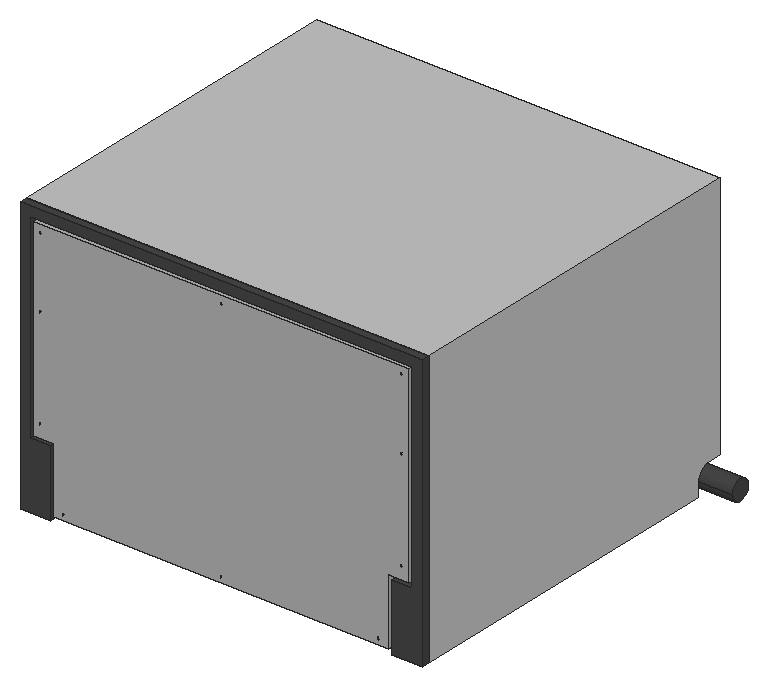
Revit family "FP_Revit_18_DD60SI9_DishDrawer_90000920A", category Specialty Equipment, Revit 2018
Family settings
  Round Connector Dimension = Use Diameter
  Part Type = Normal
  OmniClass Number = 23.40.40.14.31
  OmniClass Title = Cleaning and Disposal Equipment
  Work Plane-Based = No
  Always vertical = Yes
  Cut with Voids When Loaded = Yes
  Shared = No
  Room Calculation Point = No
Parameters (values of type "DD60SI9")
  Visibility - Handle = no
  Visibility - Door Panel = no
  Visibility - Clearance Required = yes
  URL = "www.fisherpaykel.com"
  Product - Width = 599 mm  # constant formula
  Product - Height = 410 mm  # constant formula
  Product - Depth = 553 mm  # constant formula
  Model = "DD60SI9"
  Material - Trim = Fisher & Paykel - Black
  Material - Door Structure = Fisher & Paykel - Aluminium
  Material - Door Front = Fisher & Paykel - Stainless Steel
  Material - Body = Fisher & Paykel - Grey
  Manufacturer = "Fisher & Paykel Appliances"
  FFL Offset [instance] = 406 mm
  Description = "Integrated Single DishDrawer"
  Connector Description - Water = "3/4“ BSP (GB20) to suit Flat Washer"
  Connector Description - Sanitary = "Drain Hose, No Fitting Required"
  Connector Description - Electrical = "230 V, 15 A, fused electrical supply"
  Cavity - Width = 600 mm  # constant formula
  Cavity - Height = 412 mm  # constant formula
  Cavity - Depth = 560 mm  # constant formula
Types (3, lengths in mm): name | Model
  (no name) | "DD60SI9"
  DD60SI9 | "DD60SI9"
  DD60SHI9 | "DD60SHI9"
Reference planes
  plane 1 "Datum": y = 0
  plane 2: z = 0
  plane 3 "Center (Left/Right)": x = 0
  plane 4: z = 0
  plane 5 "Product LHS": x = -299.5
  plane 6 "Product RHS": x = 299.5
  plane 7 "Product - Depth": y = 553
  plane 8 "Cavity LHS": x = -300
  plane 9 "Cavity RHS": x = 300
  plane 10 "Cavity - Depth": y = 560
  plane 11 "Product Height": z = 816
  plane 12 "Cavity - Height": z = 818
  plane 13 "FFL Offset": z = 406
Forms (mm)
  Extrusion 1, solid, material "Fisher & Paykel - Grey" <- "Material - Body"
    sketch origin (0, 0, 0) x (0, 1, 0) y (0, 0, 1)
      loop
        line (12, 816) -> (12, 406) -> (513, 406) -> (513, 426)
        arc (513, 426) -> (518.858, 440.142) -> (533, 446) r 20
        line (533, 446) -> (553, 446) -> (553, 816) -> (12, 816)
    from -299.5 to 299.5
  Extrusion 2, solid, material "Fisher & Paykel - Aluminium" <- "Material - Door Structure", detail levels fine
    sketch origin (0, 0, 0) x (1, 0, 0) y (0, 0, 1)
      loop
        line (-279.5, 796) -> (-279.5, 511) -> (-249.5, 511) -> (-249.5, 412.713) -> (249.5, 412.713) -> (249.5, 511) -> (279.5, 511) -> (279.5, 796) -> (-279.5, 796)
      loop
        circle (-269.5, 680) r 1.502
      loop
        circle (-234.5, 421) r 1.5
      loop
        circle (-269.5, 530) r 1.5
      loop
        circle (-269.5, 786) r 1.5
      loop
        circle (0, 786) r 1.5
      loop
        circle (269.5, 680) r 1.502
      loop
        circle (269.5, 530) r 1.5
      loop
        circle (269.5, 786) r 1.5
      loop
        circle (0, 421) r 1.5
      loop
        circle (234.5, 421) r 1.5
    from -12 to 0
  Sweep 3, solid, material "Fisher & Paykel - Black", detail levels medium+fine
    path origin (0, 539.813, 406) x (1, 0, 0) y (0, 0, 1)
      loop
        line (-119.5, 75) -> (-119.5, 45.438)
        arc (-119.5, 45.438) -> (-125.358, 31.295) -> (-139.5, 25.437) r 20
        line (-139.5, 25.437) -> (-349.5, 25.437)
    profile origin (-119.5, 539.813, 466.219) x (0, -1, 0) y (1, 0, 0)
      loop
        circle (0, 0) r 9
  Extrusion 4, solid, material "Fisher & Paykel - Clearance Required", visible <- "Visibility - Clearance Required", detail levels coarse
    sketch origin (0, 0, 0) x (0, 1, 0) y (0, 0, 1)
      loop
        line (-18, 406) -> (-18, 816) -> (-545, 816) -> (-545, 743.132) -> (-587, 743.132) -> (-587, 727.132) -> (-545, 727.132) -> (-545, 406) -> (-18, 406)
    from -300 to 300
  Extrusion 5, solid, material "Fisher & Paykel - Clearance Required", visible <- "Visibility - Clearance Required", detail levels coarse
    sketch origin (0, 0, 0) x (1, 0, 0) y (0, 1, 0)
      loop
        line (300, 560) -> (-300, 560) -> (-300, 0) -> (300, 0) -> (300, 560)
    from 406 to 818
  Extrusion 6, solid, material "Fisher & Paykel - Black" <- "Material - Trim"
    sketch origin (0, 0, 0) x (1, 0, 0) y (0, 0, 1)
      loop
        line (-299.5, 816) -> (-299.5, 406) -> (-254.5, 406) -> (-254.5, 506) -> (-283.999, 506) -> (-283.999, 801) -> (284, 801) -> (284, 506) -> (254.5, 506) -> (254.5, 406) -> (299.5, 406) -> (299.5, 816) -> (-299.5, 816)
    from -12 to 0
  Sweep 7, solid, material "Fisher & Paykel - Black", detail levels medium+fine
    path origin (0, 0, 0) x (1, 0, 0) y (0, 1, 0)
      loop
        line (199.5, 513) -> (199.5, 514)
        arc (199.5, 514) -> (204.04, 524.96) -> (215, 529.5) r 15.5
        line (215, 529.5) -> (349.5, 529.5)
    profile origin (199.5, 513.5, 0) x (-1, 0, 0) y (0, 0, 1)
      loop
        circle (0, 427) r 15
  Sweep 8, solid, material "Fisher & Paykel - Black", detail levels medium+fine
    path origin (0, 0, 0) x (1, 0, 0) y (0, 1, 0)
      loop
        line (-33.982, 513) -> (-33.982, 516.982)
        arc (-33.982, 516.982) -> (-35.886, 521.579) -> (-40.482, 523.482) r 6.5
        line (-40.482, 523.482) -> (-349.5, 523.482)
    profile origin (-194.991, 523.482, 0) x (0, -1, 0) y (0, 0, 1)
      loop
        circle (0, 417.016) r 4
  Sweep 9, solid, material "Fisher & Paykel - Black", detail levels medium+fine
    path origin (0, 0, 0) x (1, 0, 0) y (0, 1, 0)
      loop
        line (-349.5, 522.999) -> (-215.482, 522.999)
        arc (-215.482, 522.999) -> (-211.239, 521.242) -> (-209.482, 516.999) r 6
        line (-209.482, 516.999) -> (-209.482, 513)
    profile origin (-209.482, 514.999, 0) x (1, 0, 0) y (0, 0, 1)
      loop
        circle (0, 426.938) r 5
  Extrusion 10, solid, material "Fisher & Paykel - Black", detail levels fine
    sketch origin (0, 0, 406) x (1, 0, 0) y (0, 0, 1)
      loop
        line (-27.5, 18) -> (-41.5, 18) -> (-41.5, 4) -> (-27.5, 4) -> (-27.5, 18)
    from -518 to -513
  Extrusion 11, void
    sketch origin (0, 0, 0) x (1, 0, 0) y (0, 1, 0)
      loop
        line (-300, 560) -> (-300, -18) -> (300, -18) -> (300, 560) -> (-300, 560)
    from 406 to 818
  Extrusion 12, solid, material "Fisher & Paykel - Stainless Steel" <- "Material - Door Front", visible <- "Visibility - Door Panel"
    sketch origin (0, 0, 0) x (1, 0, 0) y (0, 1, 0)
      loop
        line (297.5, 0) -> (-297.5, 0) -> (-297.5, -18) -> (297.5, -18) -> (297.5, 0)
    from 408 to 816
  Extrusion 13, void
    sketch origin (0, 0, 0) x (1, 0, 0) y (0, 0, 1)
      loop
        line (-9.5, 511) -> (-229.5, 511) -> (-229.5, 446) -> (-9.5, 446) -> (-9.5, 511)
    from -553 to -550
  Sweep 14, solid, material "Fisher & Paykel - Black", not visible, detail levels medium+fine
    path origin (0, 539.813, 1000) x (1, 0, 0) y (0, 0, 1)
      loop
        line (-119.5, 75) -> (-119.5, 45.438)
        arc (-119.5, 45.438) -> (-125.358, 31.295) -> (-139.5, 25.437) r 20
        line (-139.5, 25.437) -> (-349.5, 25.437)
    profile origin (-119.5, 539.813, 1060.219) x (0, -1, 0) y (1, 0, 0)
      loop
        circle (0, 0) r 9
  Sweep 15, solid, material "Fisher & Paykel - Black", not visible, detail levels medium+fine
    path origin (0, 0, -406) x (1, 0, 0) y (0, 1, 0)
      loop
        line (199.5, 513) -> (199.5, 514)
        arc (199.5, 514) -> (204.04, 524.96) -> (215, 529.5) r 15.5
        line (215, 529.5) -> (349.5, 529.5)
    profile origin (199.5, 513.5, -406) x (-1, 0, 0) y (0, 0, 1)
      loop
        circle (0, 1427) r 15
  Sweep 16, solid, material "Fisher & Paykel - Black", not visible, detail levels medium+fine
    path origin (0, 0, -406) x (1, 0, 0) y (0, 1, 0)
      loop
        line (-33.982, 513) -> (-33.982, 516.982)
        arc (-33.982, 516.982) -> (-35.886, 521.579) -> (-40.482, 523.482) r 6.5
        line (-40.482, 523.482) -> (-349.5, 523.482)
    profile origin (-194.991, 523.482, -406) x (0, -1, 0) y (0, 0, 1)
      loop
        circle (0, 1417.016) r 4
  Sweep 17, solid, material "Fisher & Paykel - Black", not visible, detail levels medium+fine
    path origin (0, 0, -406) x (1, 0, 0) y (0, 1, 0)
      loop
        line (-349.5, 522.999) -> (-215.482, 522.999)
        arc (-215.482, 522.999) -> (-211.239, 521.242) -> (-209.482, 516.999) r 6
        line (-209.482, 516.999) -> (-209.482, 513)
    profile origin (-209.482, 514.999, -406) x (1, 0, 0) y (0, 0, 1)
      loop
        circle (0, 1426.938) r 5
  Extrusion 18, solid, material "Fisher & Paykel - Black", not visible, detail levels fine
    sketch origin (0, 0, 1000) x (1, 0, 0) y (0, 0, 1)
      loop
        line (-27.5, 18) -> (-41.5, 18) -> (-41.5, 4) -> (-27.5, 4) -> (-27.5, 18)
    from -518 to -513
Cuts and joins
  Extrusion 13 cuts Extrusion 2
  Extrusion 13 cuts Extrusion 4
  Extrusion 13 cuts Extrusion 12
  Extrusion 13 cuts Extrusion 1
Lines and regions (mm)
  model lines, style "Fisher & Paykel"
    curve 1: line (-297.5, 0, 816) -> (297.5, 0, 816)
    curve 2: line (-297.5, 0, 408) -> (-297.5, 0, 816)
    curve 3: line (297.5, 0, 408) -> (-297.5, 0, 408)
    curve 4: line (297.5, 0, 816) -> (297.5, 0, 408)
  model lines
    curve 5: line (-297.5, 0, 816) -> (297.5, 0, 816)
    curve 6: line (-297.5, 0, 408) -> (-297.5, 0, 816)
    curve 7: line (297.5, 0, 408) -> (-297.5, 0, 408)
    curve 8: line (297.5, 0, 816) -> (297.5, 0, 408)
  model lines, style "Fisher & Paykel", not visible
    curve 9: line (297.5, 0, 1002) -> (-297.5, 0, 1002)
  model lines, not visible
    curve 10: line (297.5, 0, 1002) -> (-297.5, 0, 1002)
Text (mm)
  text "Due to ongoing product development, product details are subject to change without notice. \nPlease always refer to www.fisherpaykel.com for the most current product information. \n© Fisher & Paykel 2020" at (41.04, -647.69, 0), in view "Ref. Level (Plan)"
Dimensions and locks
  equal spacing: plane 5 "Product LHS", plane 3 "Center (Left/Right)", plane 6 "Product RHS"
  "Product - Width": plane 5 "Product LHS" to plane 6 "Product RHS"
  "Product - Depth": plane 1 "Datum" to plane 7 "Product - Depth"
  equal spacing: plane 8 "Cavity LHS", plane 3 "Center (Left/Right)", plane 9 "Cavity RHS"
  "Cavity - Width": plane 8 "Cavity LHS" to plane 9 "Cavity RHS"
  "Cavity - Depth": plane 10 "Cavity - Depth" to plane 1 "Datum"
  "FFL Offset": plane 13 "FFL Offset" to level
  locked: plane 11 "Product Height" to nested 1 at 72.868
  locked: plane 13 "FFL Offset" to cut or joined group of Extrusion 12, Extrusion 13 at 2
  locked: Extrusion 2 sketch curve to plane 13 "FFL Offset" at 6.713
  locked: cut or joined group of Extrusion 1, Extrusion 13 to Extrusion 13 sketch curve at 65
  locked: cut or joined group of Extrusion 12, Extrusion 13 to plane 13 "FFL Offset" at 2
  locked: plane 13 "FFL Offset" to Sweep 3 at 75
  locked: Extrusion 1 sketch curve to plane 13 "FFL Offset" at 40
  "Product - Height": plane 11 "Product Height" to plane 13 "FFL Offset"
  "Cavity - Height": plane 13 "FFL Offset" to plane 12 "Cavity - Height"
  aligned and locked: level to plane 2
  aligned and locked: Extrusion 5 sketch curve to plane 8 "Cavity LHS"
  aligned and locked: plane 1 "Datum" to Extrusion 5 sketch curve
  aligned and locked: Extrusion 5 sketch curve to plane 9 "Cavity RHS"
  aligned and locked: Extrusion 4 to plane 13 "FFL Offset"
  aligned and locked: cut or joined group of Extrusion 4, Extrusion 13 to Extrusion 5
  aligned and locked: Extrusion 5 to plane 12 "Cavity - Height"
  aligned and locked: Extrusion 5 to Extrusion 1
  aligned and locked: plane 11 "Product Height" to Extrusion 1
  aligned and locked: Extrusion 6 sketch curve to plane 13 "FFL Offset"
  aligned and locked: Extrusion 6 sketch curve to Extrusion 6 sketch curve
  aligned and locked: plane 11 "Product Height" to Extrusion 12
  aligned and locked: cut or joined group of Extrusion 1, Extrusion 13 to Extrusion 13 sketch curve
  aligned and locked: Extrusion 2 sketch curve to Extrusion 2 sketch curve
  aligned and locked: Extrusion 11 to Extrusion 5  (x2)
Automatic sketch dimensions
  Sweep 3 sketch curve to profile plane = 0 mm
  profile plane to Sweep 3 sketch curve = 0 mm
  Sweep 3 sketch curve to Sweep 3 sketch curve = 20 mm
  Sweep 3 sketch curve to Sweep 3 sketch curve = 29.562 mm
  Sweep 7 sketch curve to profile plane = 0 mm
  Sweep 7 sketch curve to Sweep 7 sketch curve = 15.5 mm
  Sweep 7 sketch curve to Sweep 7 sketch curve = 1 mm
  Sweep 8 sketch curve to Sweep 8 sketch curve = 3.982 mm
  Sweep 8 sketch curve to Sweep 8 sketch curve = 6.5 mm
  Sweep 8 sketch curve to profile plane = 0 mm
  Sweep 9 sketch curve to Sweep 9 sketch curve = 6 mm
  Sweep 9 sketch curve to Sweep 9 sketch curve = 3.999 mm
  profile plane to Sweep 9 sketch curve = 0 mm
  Extrusion 10 sketch curve to Extrusion 10 sketch curve = 14 mm  (x2)
  Extrusion 5 sketch curve to plane 10 "Cavity - Depth" = 0 mm
  plane 1 "Datum" to Extrusion 11 sketch curve = 18 mm
  Extrusion 11 sketch curve to plane 8 "Cavity LHS" = 0 mm
  Extrusion 11 sketch curve to plane 9 "Cavity RHS" = 0 mm
  Extrusion 11 sketch curve to plane 10 "Cavity - Depth" = 0 mm
  plane 1 "Datum" to Extrusion 12 sketch curve = 0 mm
  plane 9 "Cavity RHS" to Extrusion 12 sketch curve = 597.5 mm
  plane 1 "Datum" to Extrusion 12 sketch curve = 18 mm
  Extrusion 12 sketch curve to Extrusion 12 sketch curve = 595 mm
  Extrusion 4 sketch curve to plane 11 "Product Height" = 0 mm
  level to Extrusion 4 sketch curve = 406 mm
  plane 1 "Datum" to Extrusion 4 sketch curve = 587 mm
  Extrusion 4 sketch curve to Extrusion 4 sketch curve = 42 mm  (x2)
  plane 1 "Datum" to Extrusion 4 sketch curve = 18 mm
  Extrusion 4 sketch curve to Extrusion 4 sketch curve = 16 mm
  Extrusion 4 sketch curve to Extrusion 4 sketch curve = 88.868 mm
  plane 11 "Product Height" to Extrusion 1 sketch curve = 0 mm
  Extrusion 1 sketch curve to plane 7 "Product - Depth" = 0 mm
  Extrusion 1 sketch curve to Extrusion 1 sketch curve = 20 mm  (x2)
  Extrusion 1 sketch curve to plane 1 "Datum" = 12 mm
  curve 6 to plane 11 "Product Height" = 0 mm
  curve 1 to plane 5 "Product LHS" = 2 mm
  plane 6 "Product RHS" to curve 5 = 2 mm
  Extrusion 1 sketch curve to plane 13 "FFL Offset" = 0 mm
  plane 5 "Product LHS" to Extrusion 6 sketch curve = 0 mm
  plane 6 "Product RHS" to Extrusion 6 sketch curve = 0 mm
  Extrusion 6 sketch curve to plane 5 "Product LHS" = 15.501 mm
  Extrusion 6 sketch curve to Extrusion 6 sketch curve = 29.499 mm
  plane 6 "Product RHS" to Extrusion 6 sketch curve = 45 mm
  plane 6 "Product RHS" to Extrusion 6 sketch curve = 15.5 mm
  plane 13 "FFL Offset" to Extrusion 6 sketch curve = 100 mm  (x2)
  Extrusion 6 sketch curve to plane 11 "Product Height" = 15 mm
  plane 11 "Product Height" to Extrusion 6 sketch curve = 0 mm
  Extrusion 13 sketch curve to plane 5 "Product LHS" = 70 mm
  Extrusion 13 sketch curve to plane 3 "Center (Left/Right)" = 9.5 mm
  plane 13 "FFL Offset" to curve 6 = 2 mm
  plane 13 "FFL Offset" to curve 4 = 2 mm
  Sweep 3 sketch curve to Sweep 3 sketch curve = 210 mm
  Sweep 7 sketch curve to Sweep 7 sketch curve = 134.5 mm
  profile plane to Sweep 7 sketch curve = 427 mm
  Sweep 8 sketch curve to Sweep 8 sketch curve = 309.018 mm
  profile plane to Sweep 8 sketch curve = 417.016 mm
  Sweep 9 sketch curve to Sweep 9 sketch curve = 134.018 mm
  profile plane to Sweep 9 sketch curve = 426.938 mm
  Sweep 14 sketch curve to profile plane = 0 mm
  profile plane to Sweep 14 sketch curve = 0 mm
  Sweep 14 sketch curve to Sweep 14 sketch curve = 20 mm
  Sweep 14 sketch curve to Sweep 14 sketch curve = 29.562 mm
  Sweep 15 sketch curve to profile plane = 0 mm
  Sweep 15 sketch curve to Sweep 15 sketch curve = 15.5 mm
  Sweep 15 sketch curve to Sweep 15 sketch curve = 1 mm
  Sweep 16 sketch curve to Sweep 16 sketch curve = 3.982 mm
  Sweep 16 sketch curve to Sweep 16 sketch curve = 6.5 mm
  Sweep 16 sketch curve to profile plane = 0 mm
  Sweep 17 sketch curve to Sweep 17 sketch curve = 6 mm
  Sweep 17 sketch curve to Sweep 17 sketch curve = 3.999 mm
  profile plane to Sweep 17 sketch curve = 0 mm
  Extrusion 18 sketch curve to Extrusion 18 sketch curve = 14 mm  (x2)
  Sweep 14 sketch curve to Sweep 14 sketch curve = 210 mm
  Sweep 15 sketch curve to Sweep 15 sketch curve = 134.5 mm
  profile plane to Sweep 15 sketch curve = 1427 mm
  Sweep 16 sketch curve to Sweep 16 sketch curve = 309.018 mm
  profile plane to Sweep 16 sketch curve = 1417.016 mm
  Sweep 17 sketch curve to Sweep 17 sketch curve = 134.018 mm
  profile plane to Sweep 17 sketch curve = 1426.938 mm
  Extrusion 2 sketch curve to plane 3 "Center (Left/Right)" = 0 mm  (x2)
  plane 13 "FFL Offset" to Extrusion 2 sketch curve = 15 mm  (x3)
  Extrusion 2 sketch curve to plane 5 "Product LHS" = 65 mm
  Extrusion 2 sketch curve to Extrusion 2 sketch curve = 15 mm
  Extrusion 2 sketch curve to plane 5 "Product LHS" = 30 mm  (x2)
  Extrusion 2 sketch curve to Extrusion 2 sketch curve = 20 mm  (x2)
  Extrusion 2 sketch curve to plane 5 "Product LHS" = 20 mm
  plane 6 "Product RHS" to Extrusion 2 sketch curve = 65 mm
  plane 6 "Product RHS" to Extrusion 2 sketch curve = 50 mm
  plane 6 "Product RHS" to Extrusion 2 sketch curve = 30 mm  (x2)
  Extrusion 2 sketch curve to Extrusion 2 sketch curve = 10 mm  (x2)
  Extrusion 2 sketch curve to Extrusion 2 sketch curve = 90 mm
  Extrusion 2 sketch curve to Extrusion 2 sketch curve = 19 mm  (x2)
  Extrusion 2 sketch curve to Extrusion 2 sketch curve = 150 mm  (x2)
  Extrusion 2 sketch curve to plane 11 "Product Height" = 30 mm  (x3)
  radius of Sweep 3 sketch curve = 9 mm
  radius of Sweep 7 sketch curve = 15 mm
  radius of Sweep 8 sketch curve = 4 mm
  radius of Sweep 9 sketch curve = 5 mm
  radius of Sweep 14 sketch curve = 9 mm
  radius of Sweep 15 sketch curve = 15 mm
  radius of Sweep 16 sketch curve = 4 mm
  radius of Sweep 17 sketch curve = 5 mm
  radius of Extrusion 2 sketch curve = 1.502 mm  (x2)
  radius of Extrusion 2 sketch curve = 1.5 mm  (x8)
Nested families
  nested 1: "F&P Handle Contemporary Square - Horizontal" at (0, -18, 735.154), visible <- "Visibility - Handle", type "565mm"
Connectors
  piping at (-349.5, 539.813, 431.437), diameter 15.9, driven by "Connector Description - Sanitary"
    settings: on Sweep 3, index 4, connector inside diameter 609.6 mm, connector length 0 mm, flow factor 0, pipe flow 0.0 L/s, pressure drop 0.0 Pa, fitting loss kfactor 0, connector angle 0.00°, fixture units 0, engagement length 0 mm, angle of deflection 0.00°, flow configuration 0, flow direction 2, fitting loss method 0, system type 16, joint type 0, gender type 0, connector reference index -1, connector utility 0, adjustable connector no, is connector primary yes, connector description "Drain Hose, No Fitting Required"
  piping at (349.5, 529.5, 427), diameter 30
    settings: on Sweep 7, index 5, connector inside diameter 609.6 mm, connector length 0 mm, flow factor 0, pipe flow 0.0 L/s, pressure drop 0.0 Pa, fitting loss kfactor 0, connector angle 0.00°, fixture units 0, engagement length 0 mm, angle of deflection 0.00°, flow configuration 0, flow direction 2, fitting loss method 0, system type 17, joint type 0, gender type 0, connector reference index -1, connector utility 0, adjustable connector no, is connector primary no, connector description "Vent hose for Fan Assisted Drying"
  piping at (-349.5, 522.999, 426.938), diameter 10, driven by "Connector Description - Water"
    settings: on Sweep 9, index 6, connector inside diameter 609.6 mm, connector length 0 mm, flow factor 0, pipe flow 0.0 L/s, pressure drop 0.0 Pa, fitting loss kfactor 0, connector angle 0.00°, fixture units 0, engagement length 0 mm, angle of deflection 0.00°, flow configuration 0, flow direction 1, fitting loss method 0, system type 20, joint type 0, gender type 0, connector reference index -1, connector utility 0, adjustable connector no, is connector primary no, connector description "3/4“ BSP (GB20) to suit Flat Washer"
  electrical at (-349.5, 523.482, 417.016), driven by "Connector Description - Electrical"
    settings: on Sweep 8, index 7, voltage 230 V, apparent load 0 VA, apparent load phase1 0 VA, apparent load phase2 0 VA, apparent load phase3 0 VA, power factor 1, load classification "Other", number of poles 1, system type 30, power factor state 1, is connector primary yes, connector utility no, sub classification motor no, connector description "230 V, 15 A, fused electrical supply"
Definition of nested family "F&P Handle Contemporary Square - Horizontal"
  Parameters (values of type "565mm")
    URL = "www.fisherpaykel.com"
    Material - Handle = none
    Manufacturer = "Fisher & Paykel Appliances"
    Handle - Standoff = 100 mm
    Handle - Length = 565 mm
  Reference planes
    plane 1 "Center (Front/Back)": y = 0
    plane 2: z = 0
    plane 3 "Center (Left/Right)": x = 0
    plane 4 "Product LHS": x = -282.5
    plane 5 "Product RHS": x = 282.5
    plane 6 "LHS Standoff": x = -182.5
    plane 7 "RHS Standoff": x = 182.5
  Forms (mm)
    Extrusion 1, solid, material <- "Material - Handle", detail levels fine
      sketch origin (0, 0, 0) x (0, 1, 0) y (0, 0, 1)
        loop
          arc (-27.701, 7.561) -> (-28.057, 7.868) -> (-28.514, 7.978) r 1
          line (-28.514, 7.978) -> (-39.5, 7.978)
          arc (-39.5, 7.978) -> (-40.561, 7.539) -> (-41, 6.478) r 1.5
          line (-41, 6.478) -> (-41, -6.522)
          arc (-41, -6.522) -> (-40.561, -7.583) -> (-39.5, -8.022) r 1.5
          line (-39.5, -8.022) -> (-28.487, -8.022)
          arc (-28.487, -8.022) -> (-28.029, -7.911) -> (-27.673, -7.602) r 1
          arc (-27.673, -7.602) -> (-25.256, -0.016) -> (-27.701, 7.561) r 13.038
      from -282.5 to 282.5
    Extrusion 2, solid, material <- "Material - Handle", detail levels fine
      sketch origin (0, 0, 0) x (0, 1, 0) y (0, 0, 1)
        loop
          arc (-27.23, 7.062) -> (-25.156, 0.008) -> (-27.198, -7.056) r 13.136
          arc (-27.198, -7.056) -> (-27.21, -7.463) -> (-26.86, -7.67) r 0.4
          line (-26.86, -7.67) -> (0, -7.67) -> (0, 7.678) -> (-26.893, 7.678)
          arc (-26.893, 7.678) -> (-27.244, 7.47) -> (-27.23, 7.062) r 0.4
      from 182.5 to 282.5
    Extrusion 3, solid, material <- "Material - Handle", detail levels fine
      sketch origin (0, 0, 0) x (0, 1, 0) y (0, 0, -1)
        loop
          arc (-27.23, -7.062) -> (-27.244, -7.47) -> (-26.893, -7.678) r 0.4
          line (-26.893, -7.678) -> (0, -7.678) -> (0, 7.67) -> (-26.86, 7.67)
          arc (-26.86, 7.67) -> (-27.21, 7.463) -> (-27.198, 7.056) r 0.4
          arc (-27.198, 7.056) -> (-25.156, -0.008) -> (-27.23, -7.062) r 13.136
      from 182.5 to 282.5
    Sweep 4, void
      path in 3D
        loop
          line (282.5, -28.514, 7.978) -> (282.5, -39.5, 7.978)
          arc (282.5, -39.5, 7.978) -> (282.5, -40.561, 7.539) -> (282.5, -41, 6.478) r 1.5
          line (282.5, -41, 6.478) -> (282.5, -41, -6.522)
          arc (282.5, -41, -6.522) -> (282.5, -40.561, -7.583) -> (282.5, -39.5, -8.022) r 1.5
          line (282.5, -39.5, -8.022) -> (282.5, -28.487, -8.022)
      profile origin (282.5, -34.007, 7.978) x (1, 0, 0) y (0, 0, 1)
        loop
          line (0, 0) -> (-1.3, 0) -> (0, -1.3) -> (0, 0)
    Sweep 5, void
      path in 3D
        loop
          line (-282.5, -28.487, -8.022) -> (-282.5, -39.5, -8.022)
          arc (-282.5, -39.5, -8.022) -> (-282.5, -40.561, -7.583) -> (-282.5, -41, -6.522) r 1.5
          line (-282.5, -41, -6.522) -> (-282.5, -41, 6.478)
          arc (-282.5, -41, 6.478) -> (-282.5, -40.561, 7.539) -> (-282.5, -39.5, 7.978) r 1.5
          line (-282.5, -39.5, 7.978) -> (-282.5, -28.514, 7.978)
      profile origin (-282.5, -34.007, 7.978) x (-1, 0, 0) y (0, 0, 1)
        loop
          line (0, 0) -> (-1.3, 0) -> (0, -1.3) -> (0, 0)
    Extrusion 6, void
      sketch origin (0, 0, 0) x (1, 0, 0) y (0, 0, 1)
        loop
          line (282.5, 7.978) -> (281.2, 7.978) -> (282.5, 6.678) -> (282.5, 7.978)
        loop
          line (282.5, -8.022) -> (282.5, -6.722) -> (281.2, -8.022) -> (282.5, -8.022)
      from 0 to 28.514
    Extrusion 7, void
      sketch origin (0, 0, 0) x (1, 0, 0) y (0, 0, 1)
        loop
          line (-282.5, 7.978) -> (-282.5, 6.678) -> (-281.2, 7.978) -> (-282.5, 7.978)
        loop
          line (-282.5, -8.022) -> (-281.2, -8.022) -> (-282.5, -6.722) -> (-282.5, -8.022)
      from 0 to 28.487
    Extrusion 8, solid, material <- "Material - Handle", detail levels coarse+medium
      sketch origin (0, 0, 0) x (1, 0, 0) y (0, 1, 0)
        loop
          line (-282.5, -41) -> (282.5, -41) -> (282.5, 0) -> (182.5, 0) -> (182.5, -26.156) -> (-182.5, -26.156) -> (-182.5, 0) -> (-282.5, 0) -> (-282.5, -41)
      from -8.022 to 7.978
  Cuts and joins
    Sweep 4, Sweep 5, Extrusion 6, Extrusion 7 cuts Extrusion 1
    Extrusion 6 cuts Extrusion 2
    Extrusion 7 cuts Extrusion 3
  Lines and regions (mm)
    sketch lines
      curve 1: line (282.5, -28.514, 7.978) -> (282.5, -39.5, 7.978)
      curve 2: arc (282.5, -41, 6.478) -> (282.5, -40.561, 7.539) -> (282.5, -39.5, 7.978) r 1.5
      curve 3: line (282.5, -41, 6.478) -> (282.5, -41, -6.522)
      curve 4: arc (282.5, -39.5, -8.022) -> (282.5, -40.561, -7.583) -> (282.5, -41, -6.522) r 1.5
      curve 5: line (282.5, -39.5, -8.022) -> (282.5, -28.487, -8.022)
      curve 6: line (-282.5, -39.5, 7.978) -> (-282.5, -28.514, 7.978)
      curve 7: arc (-282.5, -39.5, 7.978) -> (-282.5, -40.561, 7.539) -> (-282.5, -41, 6.478) r 1.5
      curve 8: line (-282.5, -41, -6.522) -> (-282.5, -41, 6.478)
      curve 9: arc (-282.5, -41, -6.522) -> (-282.5, -40.561, -7.583) -> (-282.5, -39.5, -8.022) r 1.5
      curve 10: line (-282.5, -28.487, -8.022) -> (-282.5, -39.5, -8.022)
  Dimensions and locks
    equal spacing: plane 4 "Product LHS", plane 3 "Center (Left/Right)", plane 5 "Product RHS"
    "Handle - Length": plane 4 "Product LHS" to plane 5 "Product RHS"
    "Handle - Standoff": plane 4 "Product LHS" to plane 6 "LHS Standoff"
    "Handle - Standoff": plane 7 "RHS Standoff" to plane 5 "Product RHS"
    Extrusion 8 to plane 1 "Center (Front/Back)" = 41 mm
    aligned and locked: level to plane 2
    aligned and locked: Extrusion 1 to plane 5 "Product RHS"
    aligned and locked: plane 4 "Product LHS" to Extrusion 1
    aligned and locked: Extrusion 2 to plane 5 "Product RHS"
    aligned and locked: plane 4 "Product LHS" to Extrusion 3
    aligned and locked: plane 4 "Product LHS" to Extrusion 8 sketch curve
    aligned and locked: Extrusion 8 sketch curve to plane 5 "Product RHS"
    aligned and locked: Extrusion 8 sketch curve to plane 7 "RHS Standoff"
    aligned and locked: plane 6 "LHS Standoff" to Extrusion 8 sketch curve
    aligned and locked: Extrusion 2 to plane 7 "RHS Standoff"
    aligned and locked: plane 6 "LHS Standoff" to Extrusion 3
  Automatic sketch dimensions
    Extrusion 1 sketch curve to level = 6.522 mm
    plane 1 "Center (Front/Back)" to Extrusion 1 sketch curve = 41 mm
    Extrusion 1 sketch curve to Extrusion 1 sketch curve = 1.5 mm  (x2)
    Extrusion 1 sketch curve to level = 0.04 mm
    Extrusion 1 sketch curve to Extrusion 1 sketch curve = 1.206 mm
    level to Extrusion 1 sketch curve = 6.978 mm
    Extrusion 1 sketch curve to Extrusion 1 sketch curve = 10.986 mm
    Extrusion 1 sketch curve to Extrusion 1 sketch curve = 11.013 mm
    Extrusion 1 sketch curve to Extrusion 1 sketch curve = 1 mm
    level to Extrusion 1 sketch curve = 6.478 mm
    Extrusion 1 sketch curve to Extrusion 1 sketch curve = 0 mm
    Extrusion 2 sketch curve to plane 1 "Center (Front/Back)" = 0 mm
    Extrusion 2 sketch curve to level = 7.67 mm
    Extrusion 2 sketch curve to Extrusion 2 sketch curve = 26.86 mm
    level to Extrusion 2 sketch curve = 7.678 mm
    Extrusion 2 sketch curve to Extrusion 2 sketch curve = 0.033 mm
    Extrusion 2 sketch curve to level = 0.022 mm
    Extrusion 2 sketch curve to Extrusion 2 sketch curve = 11.398 mm
    Extrusion 2 sketch curve to Extrusion 2 sketch curve = 0.4 mm  (x2)
    Extrusion 2 sketch curve to Extrusion 2 sketch curve = 0 mm
    Extrusion 3 sketch curve to plane 1 "Center (Front/Back)" = 0 mm
    Extrusion 3 sketch curve to level = 7.67 mm
    Extrusion 3 sketch curve to Extrusion 3 sketch curve = 26.86 mm
    level to Extrusion 3 sketch curve = 7.678 mm
    Extrusion 3 sketch curve to Extrusion 3 sketch curve = 0.033 mm
    Extrusion 3 sketch curve to level = 0.022 mm
    Extrusion 3 sketch curve to Extrusion 3 sketch curve = 11.398 mm
    Extrusion 3 sketch curve to Extrusion 3 sketch curve = 0.4 mm  (x2)
    Extrusion 3 sketch curve to Extrusion 3 sketch curve = 0 mm
    profile plane to Sweep 4 sketch curve = 0 mm
    Sweep 4 sketch curve to profile plane = 0 mm
    Sweep 4 sketch curve to profile plane = 1.3 mm
    profile plane to Sweep 4 sketch curve = 1.3 mm
    Sweep 5 sketch curve to profile plane = 0 mm  (x2)
    profile plane to Sweep 5 sketch curve = 1.3 mm
    Sweep 5 sketch curve to profile plane = 1.3 mm
    plane 5 "Product RHS" to Extrusion 6 sketch curve = 0 mm  (x2)
    Extrusion 6 sketch curve to Extrusion 6 sketch curve = 1.3 mm  (x4)
    Extrusion 6 sketch curve to level = 6.722 mm
    level to Extrusion 6 sketch curve = 6.678 mm
    plane 4 "Product LHS" to Extrusion 7 sketch curve = 0 mm  (x2)
    Extrusion 7 sketch curve to plane 4 "Product LHS" = 1.3 mm  (x2)
    Extrusion 7 sketch curve to level = 8.022 mm
    level to Extrusion 7 sketch curve = 6.678 mm
    Extrusion 7 sketch curve to Extrusion 7 sketch curve = 1.3 mm  (x2)
    plane 1 "Center (Front/Back)" to Extrusion 8 sketch curve = 0 mm  (x2)
    Extrusion 8 sketch curve to Extrusion 8 sketch curve = 26.156 mm
    Extrusion 8 sketch curve to Extrusion 8 sketch curve = 41 mm
